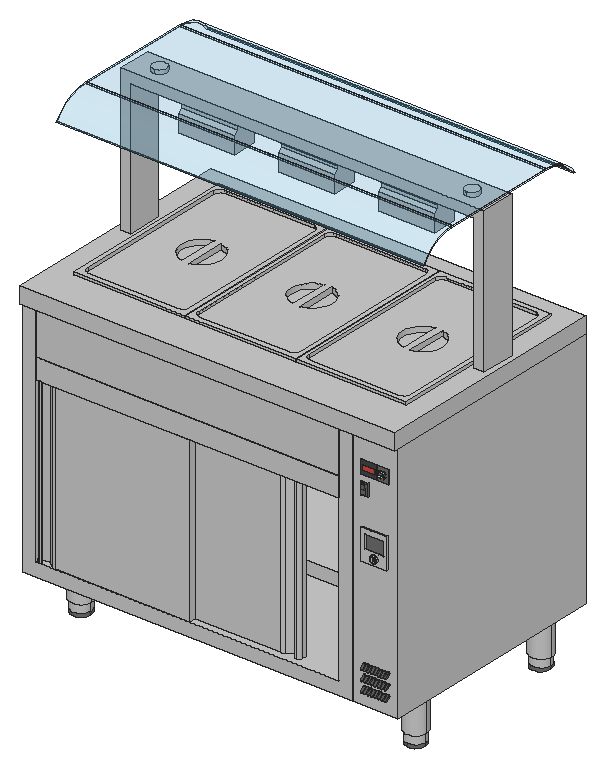
Revit family "QF_INOMAK_MRV711_250605034658", category Specialty Equipment, Revit 2021
Family settings
  Round Connector Dimension = Use Diameter
  Part Type = Normal
  OmniClass Number = 23.40.40.14
  OmniClass Title = Food Service Equipment
  Work Plane-Based = No
  Always vertical = Yes
  Cut with Voids When Loaded = No
  Shared = No
  Room Calculation Point = No
Parameters (values of type "MRV711")
  Weight [instance] = 69.9984 kg
  Waste Water Discharge Temperature [instance] = 0 °C
  Waste Remarks [instance] = ""
  Warranty Start Date [instance] = ""
  Warranty Duration [instance] = ""
  Volts [instance] = 230 V
  Volt Free Conn [instance] = no
  URL Recommended Spares List [instance] = ""
  URL Manufacturer [instance] = ""
  URL Cutsheet [instance] = ""
  URL Critical Spares List [instance] = ""
  URL = "www.inomak.com"
  Technical Documentation [instance] = ""
  Tag Number [instance] = ""
  Status [instance] = ""
  Start Up Current [instance] = 0 A
  Specification by User [instance] = ""
  Specification by Manufacturer [instance] = ""
  Sound Level [instance] = ""
  Show Logo [instance] = yes
  Show Clearances [instance] = yes
  Service Life Duration [instance] = ""
  Serial Number [instance] = ""
  Seismic Rating [instance] = ""
  SMACNA No [instance] = ""
  Revision Code [instance] = ""
  Revision [instance] = ""
  Production Year [instance] = ""
  Potential Equalisation [instance] = no
  Point Load [instance] = 0
  Plumbing Remarks [instance] = ""
  Plumbing Connection Type [instance] = ""
  Phase [instance] = 1
  Other Equipment Approvals [instance] = ""
  Operational Current [instance] = 0 A
  Odor Trap Included [instance] = no
  Number of Poles [instance] = 2
  No Load Power Draw [instance] = no
  National Water Regulation Certification [instance] = no
  NAFEM Spec ID Number [instance] = ""
  Model Warning [instance] = ""
  Model = "MRV711"
  Min Ckt Ampacity [instance] = 0 A
  Max Overcurrent Protection [instance] = 16 A
  Masterspec [instance] = ""
  Manufacturer = "INOMAK"
  Main switch integrated [instance] = no
  Length Actual [instance] = 1102.106 mm
  Item Number [instance] = ""
  Installed By [instance] = ""
  Installation Date [instance] = ""
  Indirect Waste Size [instance] = 25.4 mm
  Indirect Waste Remarks [instance] = ""
  Indirect Waste Flow [instance] = 0.0 L/s
  Indirect Waste Connection Type [instance] = ""
  Indirect Waste Connection Height [instance] = 0 mm
  Identify Quantity as Lot [instance] = no
  ID [instance] = ""
  Hygiene Approval [instance] = ""
  Height Actual [instance] = 1312.926 mm
  HP power [instance] = ""
  Furnished By [instance] = ""
  Foodservice Equipment Identifier [instance] = no
  FL Amps [instance] = 10.4 A
  Electrical Remarks [instance] = ""
  Electric power [instance] = 2390 W
  Electric Connection Type [instance] = ""
  Elec Conn RI Height [instance] = 0 mm
  Elec Conn Connection Height [instance] = 0 mm
  ETL Approved [instance] = no
  Direct Waste Water Discharge Temperature [instance] = -273.15 °C
  Direct Waste Size [instance] = 25.4 mm
  Direct Waste RI Height [instance] = 0 mm
  Direct Waste Flow [instance] = 0.0 L/s
  Direct Waste Connection Height [instance] = 0 mm
  Description = "BAIN MARIE ON CUPBOARD WITH 2 GN PANS CAPACITY AND DOUBLE SNEEZE GUARD"
  Depth Actual [instance] = 700.024 mm
  Default Elevation = 0 mm
  Cycle [instance] = 50 Hz
  Cost = 0
  Connection to energy optimisation system [instance] = yes
  Conn Plug [instance] = ""
  Conn Conduit [instance] = no
  Cold Water Temperature Recommended [instance] = 0 °C
  Cold Water Size [instance] = 12.7 mm
  Cold Water Remarks [instance] = ""
  Cold Water RI Height [instance] = 0 mm
  Cold Water Quality [instance] = ""
  Cold Water Minimum Pressure [instance] = 200000.0 Pa
  Cold Water Maximum Pressure [instance] = 600000.0 Pa
  Cold Water Flow [instance] = 0.0 L/s
  Cold Water Connection Type [instance] = ""
  Cold Water Connection Height [instance] = 0 mm
  Centralized building control system with digital interface [instance] = ""
  CSI MasterFormat [instance] = ""
  CE Approved [instance] = no
  Barcode [instance] = 0
  Author [instance] = ""
  Asset Identifier [instance] = ""
  Apparent Power [instance] = 2390 VA
  Accessory [instance] = no
Reference planes
  plane 1 "Center (Front/Back)": y = 0
  plane 2: z = 0
  plane 3 "Center (Left/Right)": x = 0
Forms (mm)
  Extrusion 1, solid, not visible
    sketch origin (110.005, -510.025, 146.007) x (1, 0, 0) y (0, 1, 0)
      loop
        line (-2, 2) -> (-2, -2) -> (2, -2) -> (2, 2) -> (-2, 2)
    from -2 to 2
  Extrusion 2, solid, not visible
    sketch origin (110.005, -510.025, 146.007) x (1, 0, 0) y (0, 1, 0)
      loop
        line (-2, 2) -> (-2, -2) -> (2, -2) -> (2, 2) -> (-2, 2)
    from -2 to 2
  Extrusion 3, solid, not visible
    sketch origin (1055.051, -635.031, 146.007) x (1, 0, 0) y (0, 1, 0)
      loop
        line (-2, 2) -> (-2, -2) -> (2, -2) -> (2, 2) -> (-2, 2)
    from -2 to 2
Dimensions and locks
  locked: nested 2 to Extrusion 1 at 2  (x2)
  locked: nested 3 to Extrusion 2 at 2  (x2)
  locked: nested 4 to Extrusion 3 at 2  (x2)
  aligned and locked: level to plane 2
Nested families
  nested 1: "QF_INOMAK_CUPBOARD_BAIN_MARIES_1105_2920" at (0, 0, 144), type "MRV711"
    with Weight 69.9984 kg, Warranty Start Date "", Warranty Duration "", URL Cutsheet "", Technical Documentation "", Tag Number "", Status "", Specification by User "", Specification by Manufacturer "", Sound Level "", Solid Fuel Type "", Show Logo yes, Show Clearances yes, Service Life Duration "", Serial Number "", Seismic Rating "", SMACNA No "", Revision Code "", Revision "", Production Year "", Point Load 0, Other Equipment Approvals "", NAFEM Spec ID Number "", Model Warning "", Masterspec "", Length Actual 1102.106 mm, Item Number "", Installed By "", Installation Date "", Identify Quantity as Lot yes, ID "", Hygiene Approval "", Height Actual 1312.926 mm, Furnished By "", Foodservice Equipment Identifier yes, ETL Approved yes, Depth Actual 700.024 mm, CSI MasterFormat "", CE Approved yes, Barcode "", Author "", Asset Identifier "", Accessory no
  nested 2: "CONN_POINT_COLDWATER_2D___Generic_Annotation" at (110.005, -510.025, 144.007), type "CONN_POINT_COLDWATER_2D___Generic_Annotation"
    with Onboard connection annotation symbol visibility yes
  nested 3: "CONN_POINT_DRAIN_2D___Generic_Annotation" at (110.005, -510.025, 144.007), type "CONN_POINT_DRAIN_2D___Generic_Annotation"
    with Onboard connection annotation symbol visibility yes
  nested 4: "CONN_POINT_ELE_2D___Generic_Annotation" at (1055.051, -635.031, 144.007), type "CONN_POINT_ELE_2D___Generic_Annotation"
    with Onboard connection annotation symbol visibility yes
  nested 5: "QF_INOMAK_HEAT_WORKTOPS_HTDS_1080_4995" at (11, 0, 900), type "HTDS-1080-630"
    with Weight 0.00 kg, Warranty Start Date "", Warranty Duration "", URL Cutsheet "", Technical Documentation "", Tag Number "", Status "", Specification by User "", Specification by Manufacturer "", Sound Level "", Solid Fuel Type "", Show Logo yes, Show Clearances yes, Service Life Duration "", Serial Number "", Seismic Rating "", SMACNA No "", Revision Code "", Revision "", Production Year "", Point Load 0, Other Equipment Approvals "", NAFEM Spec ID Number "", Model Warning "", Masterspec "", Length Actual 1077.976 mm, Item Number "", Installed By "", Installation Date "", Identify Quantity as Lot yes, ID "", Hygiene Approval "", Height Actual 439.928 mm, Furnished By "", Foodservice Equipment Identifier yes, ETL Approved yes, Depth Actual 628.904 mm, CSI MasterFormat "", CE Approved yes, Barcode "", Author "", Asset Identifier "", Accessory yes
  nested 6: "QF_INOMAK_LEGS_6020" at (0, 0, 0), type "LG-1105-700"
    with Weight 0.00 kg, Warranty Start Date "", Warranty Duration "", URL Cutsheet "", Technical Documentation "", Tag Number "", Status "", Specification by User "", Specification by Manufacturer "", Sound Level "", Solid Fuel Type "", Show Logo yes, Show Clearances yes, Service Life Duration "", Serial Number "", Seismic Rating "", SMACNA No "", Revision Code "", Revision "", Production Year "", Point Load 0, Other Equipment Approvals "", NAFEM Spec ID Number "", Model Warning "", Masterspec "", Length Actual 1102.868 mm, Item Number "", Installed By "", Installation Date "", Identify Quantity as Lot yes, ID "", Hygiene Approval "", Height Actual 144.018 mm, Furnished By "", Foodservice Equipment Identifier yes, ETL Approved yes, Depth Actual 700.024 mm, CSI MasterFormat "", CE Approved yes, Barcode "", Author "", Asset Identifier "", Accessory yes
Connectors
  piping at (110.005, -510.025, 144.007), diameter 12.7, driven by "Cold Water Size", driven by "Cold Water Flow"
    settings: on Extrusion 1, index 1, connector inside diameter 609.6 mm, connector length 0 mm, flow factor 0, pipe flow 0.0 L/s, pressure drop 0.0 Pa, fitting loss kfactor 0, connector angle 0.00°, fixture units 0, engagement length 0 mm, angle of deflection 0.00°, flow configuration 1, flow direction 1, fitting loss method 0, system type 20, joint type 0, gender type 0, connector reference index -1, connector utility 0, adjustable connector no, is connector primary yes, connector description "Cold Water connection for MRV711"
  piping at (110.005, -510.025, 144.007), diameter 25.4, driven by "Indirect Waste Size", driven by "Direct Waste Flow"
    settings: on Extrusion 2, index 2, connector inside diameter 609.6 mm, connector length 0 mm, flow factor 0, pipe flow 0.0 L/s, pressure drop 0.0 Pa, fitting loss kfactor 0, connector angle 0.00°, fixture units 0, engagement length 0 mm, angle of deflection 0.00°, flow configuration 1, flow direction 2, fitting loss method 0, system type 16, joint type 0, gender type 0, connector reference index -1, connector utility 0, adjustable connector no, is connector primary no, connector description "Waste connection for MRV711"
  electrical at (1055.051, -635.031, 144.007), driven by "Apparent Power", driven by "Number of Poles", driven by "Volts"
    settings: on Extrusion 3, index 3, voltage 230 V, apparent load 0 VA, apparent load phase1 2390 VA, apparent load phase2 0 VA, apparent load phase3 0 VA, power factor 1, load classification "Other", number of poles 2, system type 31, power factor state 1, is connector primary yes, connector utility no, sub classification motor no, connector description "Electrical connection for MRV711"
Definition of nested family "QF_INOMAK_CUPBOARD_BAIN_MARIES_1105_2920"
  Parameters (values of type "MFV711")
    Weight [instance] = 0.00 kg
    Warranty Start Date [instance] = ""
    Warranty Duration [instance] = ""
    URL Cutsheet [instance] = ""
    URL = "www.inomak.com"
    Technical Documentation [instance] = ""
    Tag Number [instance] = ""
    Status [instance] = ""
    Specification by User [instance] = ""
    Specification by Manufacturer [instance] = ""
    Sound Level [instance] = ""
    Solid Fuel Type [instance] = ""
    Show Logo [instance] = yes
    Show Clearances [instance] = yes
    Service Life Duration [instance] = ""
    Serial Number [instance] = ""
    Seismic Rating [instance] = ""
    SMACNA No [instance] = ""
    Revision Code [instance] = ""
    Revision [instance] = ""
    Production Year [instance] = ""
    Point Load [instance] = 0
    Other Equipment Approvals [instance] = ""
    NAFEM Spec ID Number [instance] = ""
    Model Warning [instance] = ""
    Model = "MFV711"
    Masterspec [instance] = ""
    Manufacturer = "INOMAK"
    Length Actual [instance] = 0 mm
    Item Number [instance] = ""
    Installed By [instance] = ""
    Installation Date [instance] = ""
    Identify Quantity as Lot [instance] = yes
    ID [instance] = ""
    Hygiene Approval [instance] = ""
    Height Actual [instance] = 0 mm
    Furnished By [instance] = ""
    Foodservice Equipment Identifier [instance] = yes
    ETL Approved [instance] = yes
    Description = "BAIN MARIE ON CUPBOARD WITH 2 GN PANS CAPACITY AND SHOWCASE"
    Depth Actual [instance] = 0 mm
    Default Elevation = 0 mm
    CSI MasterFormat [instance] = ""
    CE Approved [instance] = yes
    Barcode [instance] = ""
    Author [instance] = ""
    Asset Identifier [instance] = ""
    Assembly Code = "E1090320"
    Accessory [instance] = yes
  Types (10, lengths in mm): name | Model | Description
    MFV711 | "MFV711" | "BAIN MARIE ON CUPBOARD WITH 2 GN PANS CAPACITY AND SHOWCASE"
    MVV711 | "MVV711" | "BAIN MARIE ON CUPBOARD WITH 2 GN PANS CAPACITY AND SINGLE SNEEZE GUARD"
    MFSQ711 | "MFSQ711" | "BAIN MARIE ON CUPBOARD WITH 2 GN PANS CAPACITY AND SQUARE SHOWCASE"
    MHV711 | "MHV711" | "BAIN MARIE ON HEATED CUPBOARD WITH 2 GN PANS CAPACITY"
    MDV711 | "MDV711" | "BAIN MARIE ON CUPBOARD WITH 2 GN PANS CAPACITY"
    MRV711 | "MRV711" | "BAIN MARIE ON CUPBOARD WITH 2 GN PANS CAPACITY AND DOUBLE SNEEZE GUARD"
    MIV711 | "MIV711" | "BAIN MARIE ON HEATED CUPBOARD WITH 2 GN PANS CAPACITY AND SHOWCASE"
    MJV711 | "MJV711" | "BAIN MARIE ON HEATED CUPBOARD WITH 2 GN PANS CAPACITY AND SINGLE SNEEZE GUARD"
    MQV711 | "MQV711" | "BAIN MARIE ON HEATED CUPBOARD WITH 2 GN PANS CAPACITY AND DOUBLE SNEEZE GUARD"
    MISQ711 | "MISQ711" | "BAIN MARIE ON HEATED CUPBOARD WITH 2 GN PANS CAPACITY AND SQUARE SHOWCASE"
  Reference planes
    plane 1 "Back": y = 0
    plane 2: z = 0
    plane 3 "Left": x = 0
    plane 4 "Right": x = 1102
    plane 5 "Front": y = -700
    plane 6 "Top": z = 756
  Forms (mm)
    Extrusion 1, solid
      sketch origin (479.783, -707, -123.631) x (-1, 0, 0) y (0, 0, 1)
        loop
          arc (-522.253, 235.165) -> (-526.351, 236.263) -> (-527.449, 232.165) r 3
          line (-527.449, 232.165) -> (-518.449, 216.577)
          arc (-518.449, 216.577) -> (-514.351, 215.479) -> (-513.253, 219.577) r 3
          line (-513.253, 219.577) -> (-522.253, 235.165)
        loop
          arc (-532.253, 235.165) -> (-536.351, 236.263) -> (-537.449, 232.165) r 3
          line (-537.449, 232.165) -> (-528.449, 216.577)
          arc (-528.449, 216.577) -> (-524.351, 215.479) -> (-523.253, 219.577) r 3
          line (-523.253, 219.577) -> (-532.253, 235.165)
        loop
          arc (-542.253, 235.165) -> (-546.351, 236.263) -> (-547.449, 232.165) r 3
          line (-547.449, 232.165) -> (-538.449, 216.577)
          arc (-538.449, 216.577) -> (-534.351, 215.479) -> (-533.253, 219.577) r 3
          line (-533.253, 219.577) -> (-542.253, 235.165)
        loop
          arc (-552.253, 235.165) -> (-556.351, 236.263) -> (-557.449, 232.165) r 3
          line (-557.449, 232.165) -> (-548.449, 216.577)
          arc (-548.449, 216.577) -> (-544.351, 215.479) -> (-543.253, 219.577) r 3
          line (-543.253, 219.577) -> (-552.253, 235.165)
        loop
          arc (-562.253, 235.165) -> (-566.351, 236.263) -> (-567.449, 232.165) r 3
          line (-567.449, 232.165) -> (-558.449, 216.577)
          arc (-558.449, 216.577) -> (-554.351, 215.479) -> (-553.253, 219.577) r 3
          line (-553.253, 219.577) -> (-562.253, 235.165)
        loop
          arc (-572.253, 235.165) -> (-576.351, 236.263) -> (-577.449, 232.165) r 3
          line (-577.449, 232.165) -> (-568.449, 216.577)
          arc (-568.449, 216.577) -> (-564.351, 215.479) -> (-563.253, 219.577) r 3
          line (-563.253, 219.577) -> (-572.253, 235.165)
        loop
          arc (-582.253, 235.165) -> (-586.351, 236.263) -> (-587.449, 232.165) r 3
          line (-587.449, 232.165) -> (-578.449, 216.577)
          arc (-578.449, 216.577) -> (-574.351, 215.479) -> (-573.253, 219.577) r 3
          line (-573.253, 219.577) -> (-582.253, 235.165)
        loop
          arc (-592.253, 235.165) -> (-596.351, 236.263) -> (-597.449, 232.165) r 3
          line (-597.449, 232.165) -> (-588.449, 216.577)
          arc (-588.449, 216.577) -> (-584.351, 215.479) -> (-583.253, 219.577) r 3
          line (-583.253, 219.577) -> (-592.253, 235.165)
        loop
          arc (-522.253, 205.165) -> (-526.351, 206.263) -> (-527.449, 202.165) r 3
          line (-527.449, 202.165) -> (-518.449, 186.577)
          arc (-518.449, 186.577) -> (-514.351, 185.479) -> (-513.253, 189.577) r 3
          line (-513.253, 189.577) -> (-522.253, 205.165)
        loop
          arc (-532.253, 205.165) -> (-536.351, 206.263) -> (-537.449, 202.165) r 3
          line (-537.449, 202.165) -> (-528.449, 186.577)
          arc (-528.449, 186.577) -> (-524.351, 185.479) -> (-523.253, 189.577) r 3
          line (-523.253, 189.577) -> (-532.253, 205.165)
        loop
          arc (-542.253, 205.165) -> (-546.351, 206.263) -> (-547.449, 202.165) r 3
          line (-547.449, 202.165) -> (-538.449, 186.577)
          arc (-538.449, 186.577) -> (-534.351, 185.479) -> (-533.253, 189.577) r 3
          line (-533.253, 189.577) -> (-542.253, 205.165)
        loop
          arc (-552.253, 205.165) -> (-556.351, 206.263) -> (-557.449, 202.165) r 3
          line (-557.449, 202.165) -> (-548.449, 186.577)
          arc (-548.449, 186.577) -> (-544.351, 185.479) -> (-543.253, 189.577) r 3
          line (-543.253, 189.577) -> (-552.253, 205.165)
        loop
          arc (-562.253, 205.165) -> (-566.351, 206.263) -> (-567.449, 202.165) r 3
          line (-567.449, 202.165) -> (-558.449, 186.577)
          arc (-558.449, 186.577) -> (-554.351, 185.479) -> (-553.253, 189.577) r 3
          line (-553.253, 189.577) -> (-562.253, 205.165)
        loop
          arc (-572.253, 205.165) -> (-576.351, 206.263) -> (-577.449, 202.165) r 3
          line (-577.449, 202.165) -> (-568.449, 186.577)
          arc (-568.449, 186.577) -> (-564.351, 185.479) -> (-563.253, 189.577) r 3
          line (-563.253, 189.577) -> (-572.253, 205.165)
        loop
          arc (-582.253, 205.165) -> (-586.351, 206.263) -> (-587.449, 202.165) r 3
          line (-587.449, 202.165) -> (-578.449, 186.577)
          arc (-578.449, 186.577) -> (-574.351, 185.479) -> (-573.253, 189.577) r 3
          line (-573.253, 189.577) -> (-582.253, 205.165)
        loop
          arc (-592.253, 205.165) -> (-596.351, 206.263) -> (-597.449, 202.165) r 3
          line (-597.449, 202.165) -> (-588.449, 186.577)
          arc (-588.449, 186.577) -> (-584.351, 185.479) -> (-583.253, 189.577) r 3
          line (-583.253, 189.577) -> (-592.253, 205.165)
        loop
          arc (-522.253, 175.165) -> (-526.351, 176.263) -> (-527.449, 172.165) r 3
          line (-527.449, 172.165) -> (-518.449, 156.577)
          arc (-518.449, 156.577) -> (-514.351, 155.479) -> (-513.253, 159.577) r 3
          line (-513.253, 159.577) -> (-522.253, 175.165)
        loop
          arc (-532.253, 175.165) -> (-536.351, 176.263) -> (-537.449, 172.165) r 3
          line (-537.449, 172.165) -> (-528.449, 156.577)
          arc (-528.449, 156.577) -> (-524.351, 155.479) -> (-523.253, 159.577) r 3
          line (-523.253, 159.577) -> (-532.253, 175.165)
        loop
          arc (-542.253, 175.165) -> (-546.351, 176.263) -> (-547.449, 172.165) r 3
          line (-547.449, 172.165) -> (-538.449, 156.577)
          arc (-538.449, 156.577) -> (-534.351, 155.479) -> (-533.253, 159.577) r 3
          line (-533.253, 159.577) -> (-542.253, 175.165)
        loop
          arc (-552.253, 175.165) -> (-556.351, 176.263) -> (-557.449, 172.165) r 3
          line (-557.449, 172.165) -> (-548.449, 156.577)
          arc (-548.449, 156.577) -> (-544.351, 155.479) -> (-543.253, 159.577) r 3
          line (-543.253, 159.577) -> (-552.253, 175.165)
        loop
          arc (-562.253, 175.165) -> (-566.351, 176.263) -> (-567.449, 172.165) r 3
          line (-567.449, 172.165) -> (-558.449, 156.577)
          arc (-558.449, 156.577) -> (-554.351, 155.479) -> (-553.253, 159.577) r 3
          line (-553.253, 159.577) -> (-562.253, 175.165)
        loop
          arc (-572.253, 175.165) -> (-576.351, 176.263) -> (-577.449, 172.165) r 3
          line (-577.449, 172.165) -> (-568.449, 156.577)
          arc (-568.449, 156.577) -> (-564.351, 155.479) -> (-563.253, 159.577) r 3
          line (-563.253, 159.577) -> (-572.253, 175.165)
        loop
          arc (-582.253, 175.165) -> (-586.351, 176.263) -> (-587.449, 172.165) r 3
          line (-587.449, 172.165) -> (-578.449, 156.577)
          arc (-578.449, 156.577) -> (-574.351, 155.479) -> (-573.253, 159.577) r 3
          line (-573.253, 159.577) -> (-582.253, 175.165)
        loop
          arc (-592.253, 175.165) -> (-596.351, 176.263) -> (-597.449, 172.165) r 3
          line (-597.449, 172.165) -> (-588.449, 156.577)
          arc (-588.449, 156.577) -> (-584.351, 155.479) -> (-583.253, 159.577) r 3
          line (-583.253, 159.577) -> (-592.253, 175.165)
      from 16.5 to 18.5
    Extrusion 2, solid
      sketch origin (787.766, -692, 538.514) x (-1, 0, 0) y (0, 0, 1)
        loop
          line (-208.234, 108.408) -> (-253.234, 108.408) -> (-253.234, 68.408) -> (-208.234, 68.408) -> (-208.234, 108.408)
      from 0 to 2
    Extrusion 3, solid
      sketch origin (66, -693, 539.422) x (-1, 0, 0) y (0, 0, 1)
        loop
          line (-950, 15) -> (-930, 15) -> (-930, 50) -> (-950, 50) -> (-950, 15)
      from 0 to 3
    Extrusion 4, solid
      sketch origin (94, -568, 539.422) x (0, 1, 0) y (0, 0, 1)
        loop
          line (-125, 18) -> (-125, 47)
          arc (-125, 47) -> (-127.961, 46.812) -> (-130.754, 45.81) r 10.576
          line (-130.754, 45.81) -> (-128, 32.5) -> (-128, 18) -> (-125, 18)
      from 905 to 919
    Extrusion 5, solid
      sketch origin (832.766, -692, 538.514) x (-1, 0, 0) y (0, 0, 1)
        loop
          line (-208.234, 108.408) -> (-243.234, 108.408) -> (-243.234, 68.408) -> (-208.234, 68.408) -> (-208.234, 108.408)
      from 0 to 2
    Extrusion 6, solid
      sketch origin (787.766, -692.5, 538.514) x (-1, 0, 0) y (0, 0, 1)
        loop
          line (-213.234, 94.908) -> (-248.234, 94.908) -> (-248.234, 81.908) -> (-213.234, 81.908) -> (-213.234, 94.908)
      from 0 to 2.5
    Extrusion 7, solid
      sketch origin (787.766, -692.5, 538.514) x (-1, 0, 0) y (0, 0, 1)
        loop
          line (-271.558, 91.171) -> (-275.802, 98.522) -> (-280.047, 91.171) -> (-271.558, 91.171)
        loop
          line (-271.558, 85.645) -> (-280.047, 85.645) -> (-275.802, 78.294) -> (-271.558, 85.645)
        loop
          line (-257.397, 85.645) -> (-267.397, 85.645) -> (-267.397, 78.294) -> (-257.397, 78.294) -> (-257.397, 85.645)
        loop
          line (-265.397, 98.522) -> (-267.397, 98.522) -> (-267.397, 92.322) -> (-259.549, 92.322) -> (-259.549, 91.171) -> (-257.397, 93.322) -> (-259.549, 95.474) -> (-259.549, 94.322) -> (-265.397, 94.322) -> (-265.397, 98.522)
      from 0 to 2.5
    Extrusion 8, solid
      sketch origin (8.5, 0, 492) x (1, 0, 0) y (0, 1, 0)
        loop
          line (55, -50) -> (55, -580) -> (380, -580) -> (380, -50) -> (55, -50)
        loop
          arc (87.5, -65) -> (73.358, -70.858) -> (67.5, -85) r 20
          line (67.5, -85) -> (67.5, -545.415)
          arc (67.5, -545.415) -> (73.358, -559.557) -> (87.5, -565.415) r 20
          line (87.5, -565.415) -> (347.5, -565.415)
          arc (347.5, -565.415) -> (361.642, -559.557) -> (367.5, -545.415) r 20
          line (367.5, -545.415) -> (367.5, -85)
          arc (367.5, -85) -> (361.642, -70.858) -> (347.5, -65) r 20
          line (347.5, -65) -> (87.5, -65)
      from 218 to 270
    Extrusion 9, solid
      sketch origin (8.5, 0, 485) x (1, 0, 0) y (0, 1, 0)
        loop
          arc (67.5, -545.415) -> (73.358, -559.557) -> (87.5, -565.415) r 20
          line (87.5, -565.415) -> (347.5, -565.415)
          arc (347.5, -565.415) -> (361.642, -559.557) -> (367.5, -545.415) r 20
          line (367.5, -545.415) -> (367.5, -85)
          arc (367.5, -85) -> (361.642, -70.858) -> (347.5, -65) r 20
          line (347.5, -65) -> (87.5, -65)
          arc (87.5, -65) -> (73.358, -70.858) -> (67.5, -85) r 20
          line (67.5, -85) -> (67.5, -545.415)
      from 225 to 270
    Extrusion 10, void
      sketch origin (8.5, 0, 500) x (1, 0, 0) y (0, 1, 0)
        loop
          arc (207.5, -256.046) -> (157.5, -315.207) -> (207.5, -374.368) r 60
          line (207.5, -374.368) -> (207.5, -256.046)
        loop
          line (227.5, -256.046) -> (227.5, -374.368)
          arc (227.5, -374.368) -> (277.5, -315.207) -> (227.5, -256.046) r 60
      from 240 to 270
    Extrusion 11, solid
      sketch origin (333.5, 0, 492) x (1, 0, 0) y (0, 1, 0)
        loop
          line (55, -50) -> (55, -580) -> (380, -580) -> (380, -50) -> (55, -50)
        loop
          arc (87.5, -65) -> (73.358, -70.858) -> (67.5, -85) r 20
          line (67.5, -85) -> (67.5, -545.415)
          arc (67.5, -545.415) -> (73.358, -559.557) -> (87.5, -565.415) r 20
          line (87.5, -565.415) -> (347.5, -565.415)
          arc (347.5, -565.415) -> (361.642, -559.557) -> (367.5, -545.415) r 20
          line (367.5, -545.415) -> (367.5, -85)
          arc (367.5, -85) -> (361.642, -70.858) -> (347.5, -65) r 20
          line (347.5, -65) -> (87.5, -65)
      from 218 to 270
    Extrusion 12, solid
      sketch origin (333.5, 0, 485) x (1, 0, 0) y (0, 1, 0)
        loop
          arc (67.5, -545.415) -> (73.358, -559.557) -> (87.5, -565.415) r 20
          line (87.5, -565.415) -> (347.5, -565.415)
          arc (347.5, -565.415) -> (361.642, -559.557) -> (367.5, -545.415) r 20
          line (367.5, -545.415) -> (367.5, -85)
          arc (367.5, -85) -> (361.642, -70.858) -> (347.5, -65) r 20
          line (347.5, -65) -> (87.5, -65)
          arc (87.5, -65) -> (73.358, -70.858) -> (67.5, -85) r 20
          line (67.5, -85) -> (67.5, -545.415)
      from 225 to 270
    Extrusion 13, void
      sketch origin (333.5, 0, 500) x (1, 0, 0) y (0, 1, 0)
        loop
          arc (207.5, -256.046) -> (157.5, -315.207) -> (207.5, -374.368) r 60
          line (207.5, -374.368) -> (207.5, -256.046)
        loop
          line (227.5, -256.046) -> (227.5, -374.368)
          arc (227.5, -374.368) -> (277.5, -315.207) -> (227.5, -256.046) r 60
      from 240 to 270
    Extrusion 14, solid
      sketch origin (658.5, 0, 492) x (1, 0, 0) y (0, 1, 0)
        loop
          line (55, -50) -> (55, -580) -> (380, -580) -> (380, -50) -> (55, -50)
        loop
          arc (87.5, -65) -> (73.358, -70.858) -> (67.5, -85) r 20
          line (67.5, -85) -> (67.5, -545.415)
          arc (67.5, -545.415) -> (73.358, -559.557) -> (87.5, -565.415) r 20
          line (87.5, -565.415) -> (347.5, -565.415)
          arc (347.5, -565.415) -> (361.642, -559.557) -> (367.5, -545.415) r 20
          line (367.5, -545.415) -> (367.5, -85)
          arc (367.5, -85) -> (361.642, -70.858) -> (347.5, -65) r 20
          line (347.5, -65) -> (87.5, -65)
      from 218 to 270
    Extrusion 15, solid
      sketch origin (658.5, 0, 485) x (1, 0, 0) y (0, 1, 0)
        loop
          arc (67.5, -545.415) -> (73.358, -559.557) -> (87.5, -565.415) r 20
          line (87.5, -565.415) -> (347.5, -565.415)
          arc (347.5, -565.415) -> (361.642, -559.557) -> (367.5, -545.415) r 20
          line (367.5, -545.415) -> (367.5, -85)
          arc (367.5, -85) -> (361.642, -70.858) -> (347.5, -65) r 20
          line (347.5, -65) -> (87.5, -65)
          arc (87.5, -65) -> (73.358, -70.858) -> (67.5, -85) r 20
          line (67.5, -85) -> (67.5, -545.415)
      from 225 to 270
    Extrusion 16, void
      sketch origin (658.5, 0, 500) x (1, 0, 0) y (0, 1, 0)
        loop
          arc (207.5, -256.046) -> (157.5, -315.207) -> (207.5, -374.368) r 60
          line (207.5, -374.368) -> (207.5, -256.046)
        loop
          line (227.5, -256.046) -> (227.5, -374.368)
          arc (227.5, -374.368) -> (277.5, -315.207) -> (227.5, -256.046) r 60
      from 240 to 270
    Extrusion 17, solid
      sketch origin (0, 0, 710) x (1, 0, 0) y (0, 1, 0)
        loop
          line (0, 0) -> (0, -700) -> (1102, -700) -> (1102, 0) -> (0, 0)
        loop
          line (63.5, -50) -> (63.5, -580) -> (1038.5, -580) -> (1038.5, -50) -> (63.5, -50)
      from 0 to 46
    Extrusion 18, solid
      sketch origin (0, 0, 0) x (1, 0, 0) y (0, 1, 0)
        loop
          line (0, -690) -> (40, -690) -> (40, -40) -> (930, -40) -> (930, -690) -> (970, -690) -> (970, 0) -> (0, 0) -> (0, -690)
      from 0 to 710
    Extrusion 19, solid
      sketch origin (-1.5, 0, 0) x (1, 0, 0) y (0, 1, 0)
        loop
          line (971.5, 0) -> (971.5, -690) -> (1103.5, -690) -> (1103.5, 0) -> (971.5, 0)
      from 0 to 710
    Extrusion 20, solid
      sketch origin (-130, -690, 0) x (-1, 0, 0) y (0, 1, 0)
        loop
          line (-170, 10) -> (-170, 20) -> (-620, 20) -> (-620, 0) -> (-226.156, 0)
          arc (-226.156, 0) -> (-220.272, 0.885) -> (-214.91, 3.461) r 20
          line (-214.91, 3.461) -> (-195, 17) -> (-173, 17) -> (-173, 10)
          arc (-173, 10) -> (-175.05, 5.05) -> (-180, 3) r 7
          line (-180, 3) -> (-185.012, 3) -> (-185.012, 0) -> (-180, 0)
          arc (-180, 0) -> (-172.929, 2.929) -> (-170, 10) r 10
      from -40 to -520
    Extrusion 21, solid
      sketch origin (-131.5, -690, 0) x (-1, 0, 0) y (0, 1, 0)
        loop
          arc (-930, 30) -> (-927.071, 22.929) -> (-920, 20) r 10
          line (-920, 20) -> (-914.988, 20) -> (-914.988, 23) -> (-920, 23)
          arc (-920, 23) -> (-924.95, 25.05) -> (-927, 30) r 7
          line (-927, 30) -> (-927, 37) -> (-905, 37) -> (-885.09, 23.461)
          arc (-885.09, 23.461) -> (-879.728, 20.885) -> (-873.844, 20) r 20
          line (-873.844, 20) -> (-480, 20) -> (-480, 40) -> (-930, 40) -> (-930, 30)
      from -40 to -520
    Extrusion 22, solid
      sketch origin (0, 0, 0) x (1, 0, 0) y (0, 1, 0)
        loop
          line (40, -40) -> (40, -690) -> (930, -690) -> (930, -40) -> (40, -40)
      from 0 to 40
    Extrusion 23, solid
      sketch origin (0.5, 0, 672.314) x (1, 0, 0) y (0, 1, 0)
        loop
          line (39.5, -40) -> (39.5, -690) -> (929.5, -690) -> (929.5, -40) -> (39.5, -40)
      from -92.314 to 37.686
    Extrusion 24, solid
      sketch origin (0, 0, 610.314) x (1, 0, 0) y (0, 1, 0)
        loop
          line (40, -40) -> (40, -690) -> (930, -690) -> (930, -40) -> (40, -40)
      from -90.314 to -30.314
    Extrusion 25, solid
      sketch origin (-1.5, 0, 255) x (1, 0, 0) y (0, 1, 0)
        loop
          line (41.5, -40) -> (41.5, -645) -> (931.5, -645) -> (931.5, -40) -> (41.5, -40)
      from 0 to 35
    Extrusion 26, solid
      sketch origin (5.502, -695, 50) x (-1, 0, 0) y (0, 0, 1)
        loop
          line (-992.998, 421.076) -> (-1067.998, 421.076) -> (-1067.998, 331.076) -> (-992.998, 331.076) -> (-992.998, 421.076)
        loop
          line (-1003.957, 406.276) -> (-1058.957, 406.276) -> (-1058.957, 366.276) -> (-1003.957, 366.276) -> (-1003.957, 406.276)
      from 0 to 5
    Extrusion 27, solid
      sketch origin (5.502, -692, 50) x (-1, 0, 0) y (0, 0, 1)
        loop
          line (-1003.957, 406.276) -> (-1058.957, 406.276) -> (-1058.957, 366.276) -> (-1003.957, 366.276) -> (-1003.957, 406.276)
      from 0 to 2
    Revolve 28, solid
      sketch origin (1036, 59.612, -3292.415) x (0, 1, 0) y (0, 0, 1)
        loop
          line (-757.012, 3691.152) -> (-754.612, 3691.152) -> (-754.612, 3701.789) -> (-757.662, 3701.789) -> (-759.012, 3699.998) -> (-757.012, 3699.998) -> (-757.012, 3691.152)
        axis (-754.612, 3691.152) -> (-759.012, 3691.152)
      angle from 0 to 360
    Extrusion 29, solid
      sketch origin (-1055.627, -695, 2689.585) x (-1, 0, 0) y (0, 0, 1)
        loop
          line (-2090.827, -2287.348) -> (-2092.827, -2287.348) -> (-2092.827, -2294.348) -> (-2090.827, -2294.348) -> (-2090.827, -2287.348)
        loop
          circle (-2091.627, -2290.848) r 7.846
      from -4.4 to -2.4
  Cuts and joins
    Extrusion 10, Extrusion 13 cuts Extrusion 9
    Extrusion 13, Extrusion 16 cuts Extrusion 12
    Extrusion 16 cuts Extrusion 15
    joined: Extrusion 18, Extrusion 22
  Lines and regions (mm)
    symbolic lines
      curve 1: line (0, 0, 0) -> (1102, 0, 0)
      curve 2: line (0, -700, 0) -> (0, 0, 0)
      curve 3: line (1102, -700, 0) -> (0, -700, 0)
      curve 4: line (1102, 0, 0) -> (1102, -700, 0)
      curve 5: line (63.5, -50, 0) -> (1038.5, -50, 0)
      curve 6: line (63.5, -580, 0) -> (63.5, -50, 0)
      curve 7: line (1038.5, -580, 0) -> (63.5, -580, 0)
      curve 8: line (713.5, -50, 0) -> (713.5, -580, 0)
      curve 9: line (388.5, -50, 0) -> (388.5, -580, 0)
      curve 10: line (1038.5, -50, 0) -> (1038.5, -580, 0)
      curve 11: line (96, -65, 0) -> (356, -65, 0)
      curve 12: arc (76, -85, 0) -> (81.858, -70.858, 0) -> (96, -65, 0) r 20
      curve 13: line (76, -545.415, 0) -> (76, -85, 0)
      curve 14: arc (96, -565.415, 0) -> (81.858, -559.557, 0) -> (76, -545.415, 0) r 20
      curve 15: line (356, -565.415, 0) -> (96, -565.415, 0)
      curve 16: arc (376, -545.415, 0) -> (370.142, -559.557, 0) -> (356, -565.415, 0) r 20
      curve 17: line (376, -85, 0) -> (376, -545.415, 0)
      curve 18: arc (356, -65, 0) -> (370.142, -70.858, 0) -> (376, -85, 0) r 20
      curve 19: arc (216, -256.046, 0) -> (166, -315.207, 0) -> (216, -374.368, 0) r 60
      curve 20: line (216, -374.368, 0) -> (216, -256.046, 0)
      curve 21: line (236, -256.046, 0) -> (236, -374.368, 0)
      curve 22: arc (236, -374.368, 0) -> (286, -315.207, 0) -> (236, -256.046, 0) r 60
      curve 23: arc (401, -85, 0) -> (406.858, -70.858, 0) -> (421, -65, 0) r 20
      curve 24: line (421, -65, 0) -> (681, -65, 0)
      curve 25: arc (681, -65, 0) -> (695.142, -70.858, 0) -> (701, -85, 0) r 20
      curve 26: line (701, -85, 0) -> (701, -545.415, 0)
      curve 27: arc (701, -545.415, 0) -> (695.142, -559.557, 0) -> (681, -565.415, 0) r 20
      curve 28: line (681, -565.415, 0) -> (421, -565.415, 0)
      curve 29: arc (421, -565.415, 0) -> (406.858, -559.557, 0) -> (401, -545.415, 0) r 20
      curve 30: line (401, -545.415, 0) -> (401, -85, 0)
      curve 31: arc (541, -256.046, 0) -> (491, -315.207, 0) -> (541, -374.368, 0) r 60
      curve 32: line (541, -374.368, 0) -> (541, -256.046, 0)
      curve 33: line (561, -256.046, 0) -> (561, -374.368, 0)
      curve 34: arc (561, -374.368, 0) -> (611, -315.207, 0) -> (561, -256.046, 0) r 60
      curve 35: line (746, -65, 0) -> (1006, -65, 0)
      curve 36: arc (1006, -65, 0) -> (1020.142, -70.858, 0) -> (1026, -85, 0) r 20
      curve 37: line (1026, -85, 0) -> (1026, -545.415, 0)
      curve 38: arc (1026, -545.415, 0) -> (1020.142, -559.557, 0) -> (1006, -565.415, 0) r 20
      curve 39: line (1006, -565.415, 0) -> (746, -565.415, 0)
      curve 40: arc (746, -565.415, 0) -> (731.858, -559.557, 0) -> (726, -545.415, 0) r 20
      curve 41: line (726, -545.415, 0) -> (726, -85, 0)
      curve 42: arc (726, -85, 0) -> (731.858, -70.858, 0) -> (746, -65, 0) r 20
      curve 43: arc (866, -256.046, 0) -> (816, -315.207, 0) -> (866, -374.368, 0) r 60
      curve 44: line (866, -374.368, 0) -> (866, -256.046, 0)
      curve 45: line (886, -256.046, 0) -> (886, -374.368, 0)
      curve 46: arc (886, -374.368, 0) -> (936, -315.207, 0) -> (886, -256.046, 0) r 60
  Dimensions and locks
    plane 3 "Left" to plane 4 "Right" = 1102 mm
    plane 5 "Front" to plane 1 "Back" = 700 mm
    plane 6 "Top" to plane 2 = 756 mm
    aligned and locked: level to plane 2
Definition of nested family "QF_INOMAK_HEAT_WORKTOPS_HTDS_1080_4995"
  Parameters (values of type "HTDS-1080-630")
    Weight [instance] = 0.00 kg
    Warranty Start Date [instance] = ""
    Warranty Duration [instance] = ""
    URL Cutsheet [instance] = ""
    URL = "www.inomak.com"
    Technical Documentation [instance] = ""
    Tag Number [instance] = ""
    Status [instance] = ""
    Specification by User [instance] = ""
    Specification by Manufacturer [instance] = ""
    Sound Level [instance] = ""
    Solid Fuel Type [instance] = ""
    Show Logo [instance] = yes
    Show Clearances [instance] = yes
    Service Life Duration [instance] = ""
    Serial Number [instance] = ""
    Seismic Rating [instance] = ""
    SMACNA No [instance] = ""
    Revision Code [instance] = ""
    Revision [instance] = ""
    Production Year [instance] = ""
    Point Load [instance] = 0
    Other Equipment Approvals [instance] = ""
    NAFEM Spec ID Number [instance] = ""
    Model Warning [instance] = ""
    Model = "HTDS"
    Masterspec [instance] = ""
    Manufacturer = "INOMAK"
    Length Actual [instance] = 0 mm
    Item Number [instance] = ""
    Installed By [instance] = ""
    Installation Date [instance] = ""
    Identify Quantity as Lot [instance] = yes
    ID [instance] = ""
    Hygiene Approval [instance] = ""
    Height Actual [instance] = 0 mm
    Furnished By [instance] = ""
    Foodservice Equipment Identifier [instance] = yes
    ETL Approved [instance] = yes
    Description = "DOUBLE SNEEZE GUARD"
    Depth Actual [instance] = 0 mm
    Default Elevation = 0 mm
    CSI MasterFormat [instance] = ""
    CE Approved [instance] = yes
    Barcode [instance] = ""
    Author [instance] = ""
    Asset Identifier [instance] = ""
    Assembly Code = "E1090320"
    Accessory [instance] = yes
  Reference planes
    plane 1 "Back": y = 0
    plane 2: z = 0
    plane 3 "Left": x = 0
    plane 4 "Right": x = 1078
    plane 5 "Front": y = -629
    plane 6 "Top": z = 440
  Forms (mm)
    Extrusion 1, solid
      sketch origin (1080, 0, -833) x (0, -1, 0) y (0, 0, 1)
        loop
          line (20, 1213.94) -> (25.993, 1213.94)
          arc (25.993, 1213.94) -> (70.349, 1253.652) -> (128.129, 1268) r 123.514
          line (128.129, 1268) -> (471.871, 1268)
          arc (471.871, 1268) -> (529.651, 1253.652) -> (574.007, 1213.94) r 123.514
          line (574.007, 1213.94) -> (580, 1213.94)
          arc (580, 1213.94) -> (533.474, 1257.273) -> (471.871, 1273) r 128.514
          line (471.871, 1273) -> (128.129, 1273)
          arc (128.129, 1273) -> (66.526, 1257.273) -> (20, 1213.94) r 128.514
      from 2 to 1080
    Extrusion 2, solid
      sketch origin (0, -695.221, -833) x (-1, 0, 0) y (0, 0, 1)
        loop
          line (-5, 833) -> (-5, 1258) -> (-1073, 1258) -> (-1073, 833) -> (-1043, 833) -> (-1043, 1228) -> (-35, 1228) -> (-35, 833) -> (-5, 833)
      from 345.221 to 445.221
    Extrusion 3, solid
      sketch origin (0, 1874.578, 40) x (0, 1, 0) y (-1, 0, 0)
        loop
          circle (-2174.578, -80) r 20
      from 385 to 395
    Extrusion 4, solid
      sketch origin (-2, 1874.578, 40) x (0, 1, 0) y (-1, 0, 0)
        loop
          circle (-2174.578, -1000) r 20
      from 385 to 395
    Extrusion 5, solid
      sketch origin (152.75, 0, 0) x (0, 1, 0) y (0, 0, 1)
        loop
          line (-265, 395) -> (-335, 395) -> (-335, 385) -> (-324.393, 374.393) -> (-275.607, 374.393) -> (-265, 385) -> (-265, 395)
      from 10 to 175
    Extrusion 6, solid
      sketch origin (162.75, 0, 0) x (0, 1, 0) y (0, 0, 1)
        loop
          line (-275.607, 374.393) -> (-324.393, 374.393) -> (-324.393, 364.393) -> (-335, 353.787) -> (-335, 305) -> (-265, 305) -> (-265, 353.787) -> (-275.607, 364.393) -> (-275.607, 374.393)
      from 0 to 5
    Extrusion 7, solid
      sketch origin (167.75, 0, 0) x (0, 1, 0) y (0, 0, 1)
        loop
          line (-275.607, 374.393) -> (-324.393, 374.393) -> (-324.393, 364.393) -> (-335, 353.787) -> (-335, 305) -> (-330, 305) -> (-330, 348.787) -> (-270, 348.787) -> (-270, 305) -> (-265, 305) -> (-265, 353.787) -> (-275.607, 364.393) -> (-275.607, 374.393)
      from 0 to 155
    Extrusion 8, solid
      sketch origin (322.75, 0, 0) x (0, 1, 0) y (0, 0, 1)
        loop
          line (-275.607, 374.393) -> (-324.393, 374.393) -> (-324.393, 364.393) -> (-335, 353.787) -> (-335, 305) -> (-265, 305) -> (-265, 353.787) -> (-275.607, 364.393) -> (-275.607, 374.393)
      from 0 to 5
    Extrusion 9, solid
      sketch origin (446.5, 0, 0) x (0, 1, 0) y (0, 0, 1)
        loop
          line (-265, 395) -> (-335, 395) -> (-335, 385) -> (-324.393, 374.393) -> (-275.607, 374.393) -> (-265, 385) -> (-265, 395)
      from 10 to 175
    Extrusion 10, solid
      sketch origin (456.5, 0, 0) x (0, 1, 0) y (0, 0, 1)
        loop
          line (-275.607, 374.393) -> (-324.393, 374.393) -> (-324.393, 364.393) -> (-335, 353.787) -> (-335, 305) -> (-265, 305) -> (-265, 353.787) -> (-275.607, 364.393) -> (-275.607, 374.393)
      from 0 to 5
    Extrusion 11, solid
      sketch origin (461.5, 0, 0) x (0, 1, 0) y (0, 0, 1)
        loop
          line (-275.607, 374.393) -> (-324.393, 374.393) -> (-324.393, 364.393) -> (-335, 353.787) -> (-335, 305) -> (-330, 305) -> (-330, 348.787) -> (-270, 348.787) -> (-270, 305) -> (-265, 305) -> (-265, 353.787) -> (-275.607, 364.393) -> (-275.607, 374.393)
      from 0 to 155
    Extrusion 12, solid
      sketch origin (616.5, 0, 0) x (0, 1, 0) y (0, 0, 1)
        loop
          line (-275.607, 374.393) -> (-324.393, 374.393) -> (-324.393, 364.393) -> (-335, 353.787) -> (-335, 305) -> (-265, 305) -> (-265, 353.787) -> (-275.607, 364.393) -> (-275.607, 374.393)
      from 0 to 5
    Extrusion 13, solid
      sketch origin (925.25, 0, 0) x (0, 1, 0) y (0, 0, -1)
        loop
          line (-265, -395) -> (-265, -385) -> (-275.607, -374.393) -> (-324.393, -374.393) -> (-335, -385) -> (-335, -395) -> (-265, -395)
      from 10 to 175
    Extrusion 14, solid
      sketch origin (915.25, 0, 0) x (0, 1, 0) y (0, 0, -1)
        loop
          line (-275.607, -374.393) -> (-275.607, -364.393) -> (-265, -353.787) -> (-265, -305) -> (-335, -305) -> (-335, -353.787) -> (-324.393, -364.393) -> (-324.393, -374.393) -> (-275.607, -374.393)
      from 0 to 5
    Extrusion 15, solid
      sketch origin (910.25, 0, 0) x (0, 1, 0) y (0, 0, -1)
        loop
          line (-275.607, -374.393) -> (-275.607, -364.393) -> (-265, -353.787) -> (-265, -305) -> (-270, -305) -> (-270, -348.787) -> (-330, -348.787) -> (-330, -305) -> (-335, -305) -> (-335, -353.787) -> (-324.393, -364.393) -> (-324.393, -374.393) -> (-275.607, -374.393)
      from 0 to 155
    Extrusion 16, solid
      sketch origin (755.25, 0, 0) x (0, 1, 0) y (0, 0, -1)
        loop
          line (-275.607, -374.393) -> (-275.607, -364.393) -> (-265, -353.787) -> (-265, -305) -> (-335, -305) -> (-335, -353.787) -> (-324.393, -364.393) -> (-324.393, -374.393) -> (-275.607, -374.393)
      from 0 to 5
  Cuts and joins
    joined: Extrusion 6, Extrusion 7, Extrusion 8
    joined: Extrusion 10, Extrusion 11, Extrusion 12
    joined: Extrusion 14, Extrusion 15, Extrusion 16
  Lines and regions (mm)
    Masking region 1
      outline origin (0, 0, 0) x (1, 0, 0) y (0, 1, 0)
        loop
          line (0, -20) -> (0, -580) -> (1078, -580) -> (1078, -20) -> (0, -20)
    symbolic lines
      curve 1: line (0, -20, 0) -> (1078, -20, 0)
      curve 2: line (0, -580, 0) -> (0, -20, 0)
      curve 3: line (1078, -580, 0) -> (0, -580, 0)
      curve 4: line (1078, -20, 0) -> (1078, -580, 0)
  Dimensions and locks
    plane 3 "Left" to plane 4 "Right" = 1078 mm
    plane 5 "Front" to plane 1 "Back" = 629 mm
    plane 6 "Top" to plane 2 = 440 mm
    aligned and locked: level to plane 2
Definition of nested family "QF_INOMAK_LEGS_6020"
  Parameters (values of type "LG-1545-700-BC")
    Weight [instance] = 0.00 kg
    Warranty Start Date [instance] = ""
    Warranty Duration [instance] = ""
    URL Cutsheet [instance] = ""
    URL = "www.inomak.com"
    Technical Documentation [instance] = ""
    Tag Number [instance] = ""
    Status [instance] = ""
    Specification by User [instance] = ""
    Specification by Manufacturer [instance] = ""
    Sound Level [instance] = ""
    Solid Fuel Type [instance] = ""
    Show Logo [instance] = yes
    Show Clearances [instance] = yes
    Service Life Duration [instance] = ""
    Serial Number [instance] = ""
    Seismic Rating [instance] = ""
    SMACNA No [instance] = ""
    Right offset = 300 mm
    Revision Code [instance] = ""
    Revision [instance] = ""
    Rear offset = 90 mm
    Production Year [instance] = ""
    Point Load [instance] = 0
    Other Equipment Approvals [instance] = ""
    NAFEM Spec ID Number [instance] = ""
    Model Warning [instance] = ""
    Model = "LG"
    Masterspec [instance] = ""
    Manufacturer = "INOMAK"
    Length Actual [instance] = 0 mm
    Length = 1546 mm
    Left offset = 100 mm
    Item Number [instance] = ""
    Installed By [instance] = ""
    Installation Date [instance] = ""
    Identify Quantity as Lot [instance] = yes
    ID [instance] = ""
    Hygiene Approval [instance] = ""
    Height Actual [instance] = 0 mm
    Height = 115 mm
    Furnished By [instance] = ""
    Front offset = 150 mm
    Foodservice Equipment Identifier [instance] = yes
    ETL Approved [instance] = yes
    Description = "STANDARD LEGS"
    Depth Actual [instance] = 0 mm
    Depth = 700 mm
    Default Elevation = 0 mm
    CentralLegs = if(Length > 1900 mm, 2 > 1, 2 < 1)  # no
    CSI MasterFormat [instance] = ""
    CE Approved [instance] = yes
    Barcode [instance] = ""
    Author [instance] = ""
    Asset Identifier [instance] = ""
    Assembly Code = "E1090320"
    Accessory [instance] = yes
  Types (14, lengths in mm): name | Right offset | Rear offset | Length | Left offset | Height | Front offset | Depth | CentralLegs
    LG-720-830 | 100 | 60 | 720 | 100 | 115 | 160 | 830 | no
    LG-1440-830 | 100 | 60 | 1440 | 100 | 115 | 160 | 830 | no
    LG-720-730 | 100 | 60 | 720 | 100 | 115 | 160 | 730 | no
    LG-1440-730 | 100 | 60 | 1440 | 100 | 115 | 160 | 730 | no
    LG-1105-700 | 60 | 90 | 1103 | 60 | 144 | 150 | 700 | no
    LG-1545-700 | 300 | 90 | 1546 | 100 | 144 | 150 | 700 | no
    LG-1995-700 | 300 | 90 | 1996 | 100 | 144 | 150 | 700 | yes
    LG-1545-700-BC | 300 | 90 | 1546 | 100 | 115 | 150 | 700 | no
    LG-1995-700-BC | 300 | 90 | 1996 | 100 | 115 | 150 | 700 | yes
    LG-1410-700 | 60 | 90 | 1406 | 60 | 144 | 150 | 700 | no
    LG-1795-700 | 60 | 90 | 1792 | 60 | 144 | 150 | 700 | no
    LG-1105-600 | 60 | 90 | 1103 | 60 | 144 | 150 | 600 | no
    LG-1545-600 | 300 | 90 | 1546 | 100 | 144 | 150 | 600 | no
    LG-1995-600 | 300 | 90 | 1996 | 100 | 144 | 150 | 600 | yes
  Reference planes
    plane 1 "Back": y = 0
    plane 2: z = 0
    plane 3 "Left": x = 0
    plane 4 "Right": x = 1546
    plane 5 "Front": y = -700
    plane 6 "Top": z = 115
    plane 7 "Left offset": x = 100
    plane 8 "Right offset": x = 1246
    plane 9 "Rear offset": y = -90
    plane 10 "Front offset": y = -550
    plane 11: x = 673
  Dimensions and locks
    "Length": plane 3 "Left" to plane 4 "Right"
    "Depth": plane 5 "Front" to plane 1 "Back"
    "Left offset": plane 3 "Left" to plane 7 "Left offset"
    "Right offset": plane 8 "Right offset" to plane 4 "Right"
    "Rear offset": plane 9 "Rear offset" to plane 1 "Back"
    "Front offset": plane 10 "Front offset" to plane 5 "Front"
    "Height": plane 6 "Top" to level
    equal spacing: plane 7 "Left offset", plane 11, plane 8 "Right offset"
    aligned and locked: level to plane 2
    aligned and locked: nested 2 to plane 8 "Right offset"
    aligned and locked: nested 3 to plane 8 "Right offset"
    aligned and locked: nested 4 to plane 7 "Left offset"
    aligned and locked: nested 4 to plane 10 "Front offset"
    aligned and locked: nested 3 to plane 10 "Front offset"
    aligned and locked: nested 1 to plane 7 "Left offset"
    aligned and locked: nested 1 to plane 9 "Rear offset"
    aligned and locked: nested 2 to plane 9 "Rear offset"
    aligned and locked: nested 5 to plane 11
    aligned and locked: nested 5 to plane 10 "Front offset"
  Nested families
    nested 1: "QF_INOMAK_LEG" at (100, -90, 0), type "QF_INOMAK_LEG"
      with Height 115 mm
    nested 2: "QF_INOMAK_LEG" at (1246, -90, 0), type "QF_INOMAK_LEG"
      with Height 115 mm
    nested 3: "QF_INOMAK_LEG" at (1246, -550, 0), type "QF_INOMAK_LEG"
      with Height 115 mm
    nested 4: "QF_INOMAK_LEG" at (100, -550, 0), type "QF_INOMAK_LEG"
      with Height 115 mm
    nested 5: "QF_INOMAK_LEG" at (673, -550, 0), visible <- "CentralLegs", type "QF_INOMAK_LEG"
      with Height 115 mm
  Definition of nested family "QF_INOMAK_LEG"
    Parameters (values of type "QF_INOMAK_LEG")
      Height = 118 mm
      Default Elevation = 0 mm
    Reference planes
      plane 1 "Center (Front/Back)": y = 0
      plane 2: z = 0
      plane 3 "Center (Left/Right)": x = 0
      plane 4 "Top": z = 118
    Forms (mm)
      Extrusion 1, solid
        sketch origin (0, 0, 118) x (0, 1, 0) y (-1, 0, 0)
          loop
            line (50, 45) -> (-50, 45) -> (-50, -45) -> (50, -45) -> (50, 45)
        from 0 to -3
      Extrusion 2, solid
        sketch origin (-199.986, 580, 0) x (1, 0, 0) y (0, 1, 0)
          loop
            circle (199.986, -580) r 28
        from 9 to 35
      Extrusion 3, solid
        sketch origin (-199.986, 580, 0) x (1, 0, 0) y (0, 1, 0)
          loop
            circle (199.986, -580) r 28.5
        from 0 to 9
      Sweep 4, solid
        path origin (0, 0, 0) x (0, 1, 0) y (0, 0, 1)
          loop
            line (0, 115) -> (0, 35)
        profile origin (0, 0, 75) x (1, 0, 0) y (0, 1, 0)
          loop
            circle (0, 0) r 32
    Dimensions and locks
      "Height": plane 4 "Top" to plane 2
      aligned and locked: level to plane 2
    Automatic sketch dimensions
      plane 1 "Center (Front/Back)" to Extrusion 1 sketch curve = 50 mm
      Extrusion 1 sketch curve to plane 1 "Center (Front/Back)" = 50 mm
      plane 3 "Center (Left/Right)" to Extrusion 1 sketch curve = 45 mm
      Extrusion 1 sketch curve to plane 3 "Center (Left/Right)" = 45 mm
      plane 1 "Center (Front/Back)" to Extrusion 2 sketch curve = 0 mm
      Extrusion 2 sketch curve to plane 3 "Center (Left/Right)" = 0 mm
      plane 1 "Center (Front/Back)" to Extrusion 3 sketch curve = 0 mm
      Extrusion 3 sketch curve to plane 3 "Center (Left/Right)" = 0 mm
      Sweep 4 sketch curve to plane 1 "Center (Front/Back)" = 0 mm
      level to Sweep 4 sketch curve = 35 mm
      Sweep 4 sketch curve to plane 4 "Top" = 3 mm
      Sweep 4 sketch curve to plane 3 "Center (Left/Right)" = 0 mm
      profile plane to Sweep 4 sketch curve = 0 mm
      radius of Extrusion 2 sketch curve = 28 mm
      radius of Extrusion 3 sketch curve = 28.5 mm
      radius of Sweep 4 sketch curve = 32 mm
Definition of nested family "CONN_POINT_COLDWATER_2D___Generic_Annotation"
  Parameters (values of type "CONN_POINT_COLDWATER_2D___Generic_Annotation")
    Onboard connection annotation symbol visibility [instance] = yes
  Reference planes
    plane 1: y = 0
    plane 2: x = 0
  Lines and regions (mm)
    detail lines, visible <- "Onboard connection annotation symbol visibility"
      curve 1: circle (0, 0, 0) r 0.5 normal (0, 0, 1)
      curve 2: line (-1, 0, 0) -> (1, 0, 0)
      curve 3: line (0, 1, 0) -> (0, -1, 0)
      curve 4: line (3.241, 1, 0) -> (3.717, -1, 0)
      curve 5: line (3.717, -1, 0) -> (4.193, 1, 0)
      curve 6: line (4.193, 1, 0) -> (4.669, -1, 0)
      curve 7: line (4.669, -1, 0) -> (5.145, 1, 0)
      curve 8: arc (2.67, 0.524, 0) -> (2.004, 1, 0) -> (1.337, 0.524, 0) r 0.704
      curve 9: arc (1.337, -0.524, 0) -> (2.004, -1, 0) -> (2.67, -0.524, 0) r 0.704
      curve 10: arc (1.337, 0.524, 0) -> (1.25, 0, 0) -> (1.337, -0.524, 0) r 1.616
Definition of nested family "CONN_POINT_DRAIN_2D___Generic_Annotation"
  Parameters (values of type "CONN_POINT_DRAIN_2D___Generic_Annotation")
    Onboard connection annotation symbol visibility [instance] = yes
  Reference planes
    plane 1: y = 0
    plane 2: x = 0
  Lines and regions (mm)
    detail lines, visible <- "Onboard connection annotation symbol visibility"
      curve 1: circle (0, 0, 0) r 0.5 normal (0, 0, 1)
      curve 2: line (-1, 0, 0) -> (1, 0, 0)
      curve 3: line (0, 1, 0) -> (0, -1, 0)
      curve 4: line (1.776, 1, 0) -> (1.25, 1, 0)
      curve 5: line (1.25, 1, 0) -> (1.25, -1, 0)
      curve 6: line (1.25, -1, 0) -> (1.776, -1, 0)
      curve 7: arc (2.206, -0.862, 0) -> (2.459, -0.589, 0) -> (2.583, -0.238, 0) r 0.918
      curve 8: arc (2.583, 0.238, 0) -> (2.459, 0.589, 0) -> (2.206, 0.862, 0) r 0.918
      curve 9: arc (2.583, -0.238, 0) -> (2.599, 0, 0) -> (2.583, 0.238, 0) r 1.77
      curve 10: arc (2.206, 0.862, 0) -> (2.002, 0.965, 0) -> (1.776, 1, 0) r 0.741
      curve 11: arc (1.776, -1, 0) -> (2.002, -0.965, 0) -> (2.206, -0.862, 0) r 0.741
Definition of nested family "CONN_POINT_ELE_2D___Generic_Annotation"
  Parameters (values of type "CONN_POINT_ELE_2D___Generic_Annotation")
    Onboard connection annotation symbol visibility [instance] = yes
  Reference planes
    plane 1: y = 0
    plane 2: x = 0
  Lines and regions (mm)
    detail lines, visible <- "Onboard connection annotation symbol visibility"
      curve 1: circle (0, 0, 0) r 0.5 normal (0, 0, 1)
      curve 2: line (-1, 0, 0) -> (1, 0, 0)
      curve 3: line (0, 1, 0) -> (0, -1, 0)
      curve 4: line (2.5, 1, 0) -> (1.25, 1, 0)
      curve 5: line (1.25, 1, 0) -> (1.25, -1, 0)
      curve 6: line (1.25, -1, 0) -> (2.5, -1, 0)
      curve 7: line (1.25, 0, 0) -> (2, 0, 0)
